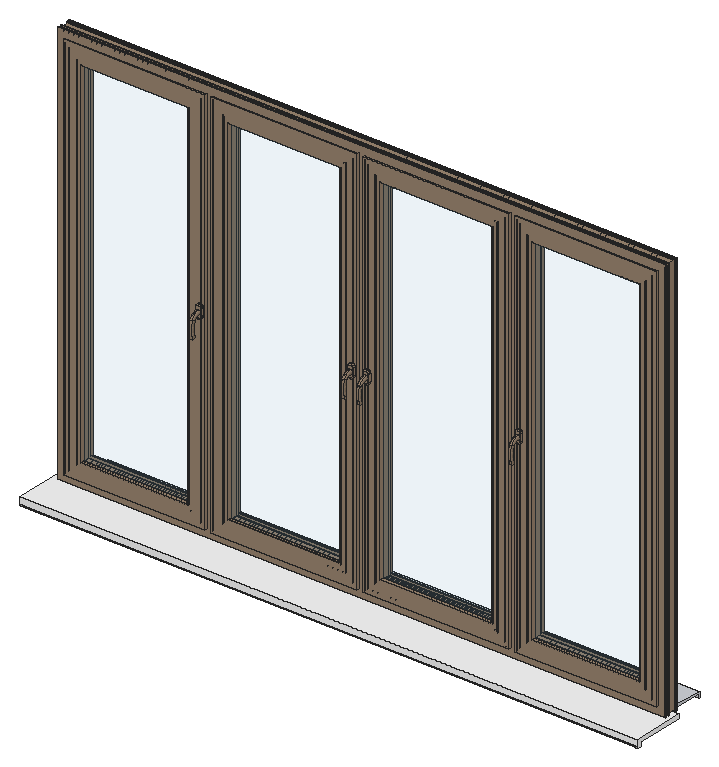
Revit family "6_Окно четырехстворчатое с вертикальными импостами_V72", category Окна, Revit 2019
Family settings
  Основа = Стена
  Номер OmniClass = 23.30.20.17.11
  Заголовок OmniClass = Fixed Windows
  Всегда вертикально = Да
  При загрузке вырезать с полостями = Нет
  Общий = Нет
  Точка расчета площади = Нет
Parameters (values of type "V72")
  Ширина створки центр [instance] = ((ADSK_Ширина рамы - Ширина створки лев - Ширина створки прав) / 2)  # 750.00 mm
  Ширина створки прав [instance] = 750.00 mm
  Ширина створки лев [instance] = 750.00 mm
  Width [instance] = 0.00 mm  # constant formula
  Четверть.Ширина [instance] = 65.00 mm
  Четверть.Высота [instance] = 65.00 mm
  Четверть Правая.Видимость [instance] = yes
  Четверть Правая [instance] = if(and(Четверть Правая.Видимость, Четверть), Четверть.Ширина, 0.00 mm)  # 65.00 mm
  Четверть Левая.Видимость [instance] = yes
  Четверть Левая [instance] = if(and(Четверть Левая.Видимость, Четверть), Четверть.Ширина, 0.00 mm)  # 65.00 mm
  Четверть [instance] = yes
  Четверть.Верхняя [instance] = if(Четверть, Четверть.Высота, 0.00 mm)  # 65.00 mm
  Монтажный зазор спереди [instance] = 10.00 mm
  Монтаж.зазор Низ [instance] = 40.00 mm
  Монтажный зазор.Верх [instance] = 25.00 mm
  VIDNAL_Ширина проема [instance] = ADSK_Ширина рамы + Монтажный зазор.Правый + Монтажный зазор.Левый  # 3050.00 mm
  VIDNAL_Цвет конструкции = ""
  VIDNAL_Фурнитура [instance] = ""
  VIDNAL_Формула стеклопакета [instance] = ""
  VIDNAL_Толщина стеклопакета [instance] = ""
  VIDNAL_Сопротивление ветровой нагрузке = ""
  VIDNAL_Система профилей [instance] = "V72"  # constant formula
  VIDNAL_Площадь изделия [instance] = ADSK_Ширина рамы * ADSK_Высота рамы  # 6.00 m²
  VIDNAL_Звукоизоляция [instance] = ""
  VIDNAL_Высота проема [instance] = ADSK_Высота рамы + Монтажный зазор.Верх + Монтаж.зазор Низ  # 2065.00 mm
  Глубина профиля [instance] = 72.00 mm  # constant formula
  Rough Width = 0.00 mm  # constant formula
  Rough Height = 0.00 mm  # constant formula
  Подоконник.Видимость [instance] = yes
  Подоконник = АС_Окна_ПВХСветлосерыйМатовый
  Отлив.Видимость [instance] = yes
  Откосы.Глубина [instance] = 150.00 mm
  Описание = "Окно"
  Обозначение = "ГОСТ 21519-2003"
  Наименование = ""
  Монтажный зазор.Правый [instance] = if(Четверть Правая.Видимость, Монтажный зазор.Боковой, 0.00 mm)  # 25.00 mm
  Монтажный зазор.Левый [instance] = if(Четверть Левая.Видимость, Монтажный зазор.Боковой, 0.00 mm)  # 25.00 mm
  Монтажный зазор.Боковой [instance] = 25.00 mm
  Марка проема [instance] = ""
  Model = ""
  Стекло = АС_Стекло
  Рама = Aluminum
  Отлив = АС_Металл_ОкрашенныйБелыйМатовый
  Type Comments = ""
  Assembly Code = ""
  Высота подоконника по умолчанию = 800.00 mm
  Wall Closure = (empty or 0)
  Height [instance] = 0.00 mm  # constant formula
  Аналитическая конструкция = "<Нет>"
  VIDNAL_Возухопроницаемость [instance] = ""
  VIDNAL_Водонепроницаемость [instance] = ""
  VIDNAL_Rприв. профиля со стеклопакетом [instance] = ""
  ADSK_Ширина рамы [instance] = 3000.00 mm
  ADSK_Позиция [instance] = ""
  ADSK_Завод-изготовитель [instance] = "VIDNAL"  # constant formula
  ADSK_Высота рамы [instance] = 2000.00 mm
Reference planes
  plane 1 "ПД": y = -40
  plane 2: z = 0
  plane 3 "Слева": x = -922.6
  plane 4 "Справа": x = 2127.4
  plane 5 "Подоконник": z = 800
  plane 6 "ВЕРХ": z = 2865
  plane 7 "Внутренняя": y = -190
  plane 8 "Вставка окна": y = 32
  plane 9 "четверть прав": x = 2062.4
  plane 10 "четверть верх": z = 2800
  plane 11 "рама лев": x = -897.6
  plane 12 "рама прав": x = 2102.4
  plane 13 "рама верх": z = 2840
  plane 14: y = -240
  plane 15 "Подоконник, отлив": y = 12
  plane 16: y = 190
  plane 17 "отлив прав": y = 220
  plane 18 "TT": y = 42
  plane 19 "рама низ": z = 840
  plane 20 "створка лев": x = -860.352
  plane 21: x = -162.85
  plane 22 "низ створки": z = 877.248
  plane 23: x = -132.35
  plane 24 "створка прав": x = 2065.152
  plane 25 "верх створки": z = 2802.752
  plane 26 "четверть левая": x = -857.6
  plane 27 "уровень отлива": z = 820
  plane 28 "осевая": x = -147.6
  plane 29: x = 1337.15
  plane 30: x = 1367.65
  plane 31 "п": x = 1352.4
  plane 32: x = 587.15
  plane 33: x = 617.65
  plane 34 "р": x = 602.4
Forms (mm)
  Extrusion 1, void, detail levels medium+fine
    sketch origin (0, 42, 0) x (0, 0, 1) y (-1, 0, 0)
      loop
        line (2865, -2127.4) -> (2865, 922.6) -> (800, 922.6) -> (800, -2127.4) -> (2865, -2127.4)
    from 0 to 1000
  Extrusion 2, void
    sketch origin (0, 32, 0) x (0, 0, -1) y (-1, 0, 0)
      loop
        line (-2800, -2062.4) -> (-800, -2062.4) -> (-800, 857.6) -> (-2800, 857.6) -> (-2800, -2062.4)
    from -100 to 500
  Sweep 3, solid, material "Aluminum" <- "Рама"
    path origin (0, 32, -30) x (0, 0, -1) y (-1, 0, 0)
      loop
        line (-2870, 897.6) -> (-2870, -2102.4) -> (-870, -2102.4) -> (-870, 897.6) -> (-2870, 897.6)
    profile "Профиль рамы V72 (R19) : Профиль рамы V72 (R19)" origin (-897.6, 32, 1840) x (-1, 0, 0) y (0, 1, 0)
      loop
        line (-37.021, -25.058) -> (-7.134, -25.058) -> (-7.134, -14) -> (-37.021, -14) -> (-37.021, -25.058)
      loop
        line (-37.021, -48) -> (-7.134, -48) -> (-7.134, -39.591) -> (-37.021, -39.591) -> (-37.021, -48)
      loop
        line (-37.021, -38.383) -> (-7.134, -38.383) -> (-7.134, -26.243) -> (-37.021, -26.243) -> (-37.021, -38.383)
      loop
        line (-7, -12.3) -> (-7, -1.5) -> (-37.498, -1.5) -> (-37.498, -12.3) -> (-7, -12.3)
      loop
        line (-6.748, -70.25) -> (-6.748, -49.75) -> (-37.248, -49.75) -> (-37.248, -70.25) -> (-6.748, -70.25)
      loop
        line (0.002, -72) -> (0.002, -67.879) -> (-1.998, -67.879) -> (-1.998, -70.25) -> (-4.998, -70.25) -> (-4.998, -52) -> (-1.998, -52) -> (-1.998, -53.5) -> (0.002, -53.5) -> (0.002, -48) -> (-1.998, -48) -> (-1.998, -50.25) -> (-4.996, -50.25) -> (-4.996, -13.988) -> (-1.997, -14) -> (-1.997, -15.5) -> (0.003, -15.5) -> (0.003, -11.5) -> (-1.497, -11.5) -> (-1.497, -12.5) -> (-5, -12.5) -> (-5, -1.5) -> (-1.5, -1.5) -> (-1.5, -2.5) -> (0, -2.5) -> (0, 0) -> (-65.998, 0) -> (-65.998, -4.2) -> (-58.998, -4.2) -> (-58.998, -1.5) -> (-38.998, -1.5) -> (-38.998, -12.5) -> (-41.998, -12.5) -> (-41.998, -10.908) -> (-43.998, -10.908) -> (-43.998, -15.5) -> (-41.998, -15.5) -> (-41.998, -14) -> (-38.998, -14) -> (-38.998, -50.25) -> (-41.998, -50.25) -> (-41.998, -48.52) -> (-43.998, -48.5) -> (-43.998, -53.5) -> (-41.998, -53.5) -> (-41.998, -52) -> (-38.998, -52) -> (-38.998, -70.25) -> (-41.998, -70.25) -> (-41.998, -67.978) -> (-43.998, -67.978) -> (-43.998, -72) -> (0.002, -72)
  Sweep 4, solid, material "Aluminum" <- "Рама"
    path origin (125, 32, 0) x (0, 0, -1) y (-1, 0, 0)
      loop
        line (-2796.752, 272.6) -> (-883.248, 272.6)
    profile "Профиль импоста : Профиль импоста" origin (-147.6, 32, 1840) x (-1, 0, 0) y (0, 1, 0)
      loop
        line (-15.25, -10) -> (-15.25, -48) -> (15.25, -48) -> (15.25, -10) -> (-15.25, -10)
      loop
        line (-15.25, -49.75) -> (-15.25, -70.25) -> (15.25, -70.25) -> (15.25, -49.75) -> (-15.25, -49.75)
      loop
        line (-15.25, -1.75) -> (-15.25, -8.25) -> (15.25, -8.25) -> (15.25, -1.75) -> (-15.25, -1.75)
      loop
        line (-44, 0) -> (-44, -4.2) -> (-35.5, -4.2) -> (-35.5, -1.5) -> (-17, -1.5) -> (-17, -8.5) -> (-20, -8.5) -> (-20, -7.5) -> (-22, -7.5) -> (-22, -11.5) -> (-20, -11.5) -> (-20, -10) -> (-17, -10) -> (-17, -14.231) -> (-20.5, -14.231) -> (-20.5, -18.313) -> (-18.5, -18.313) -> (-18.5, -16.063) -> (-17, -16.063) -> (-17, -33.174) -> (-18.5, -33.174) -> (-18.5, -30.924) -> (-20.5, -30.924) -> (-20.5, -35.006) -> (-17, -35.006) -> (-17, -50.25) -> (-20, -50.25) -> (-20, -48) -> (-22, -48) -> (-22, -54.8) -> (-20, -54.8) -> (-20, -52.31) -> (-17, -52.31) -> (-17, -70.25) -> (-20, -70.25) -> (-20, -66.8) -> (-22, -66.8) -> (-22, -72) -> (22, -72) -> (22, -66.8) -> (20, -66.8) -> (20, -70.25) -> (17, -70.25) -> (17, -52.31) -> (20, -52.31) -> (20, -54.8) -> (22, -54.8) -> (22, -48) -> (20, -48) -> (20, -50.25) -> (17, -50.25) -> (17, -35.006) -> (20.5, -35.006) -> (20.5, -30.924) -> (18.5, -30.924) -> (18.5, -33.174) -> (17, -33.174) -> (17, -16.063) -> (18.5, -16.063) -> (18.5, -18.313) -> (20.5, -18.313) -> (20.5, -14.231) -> (17, -14.231) -> (17, -10) -> (20, -10) -> (20, -11.5) -> (22, -11.5) -> (22, -7.5) -> (20, -7.5) -> (20, -8.5) -> (17, -8.5) -> (17, -1.5) -> (35.5, -1.5) -> (35.5, -4.2) -> (44, -4.2) -> (44, 0) -> (-44, 0)
  Extrusion 5, solid, material "АС_Окна_ПВХСветлосерыйМатовый" <- "Подоконник", visible <- "Подоконник.Видимость"
    sketch origin (906.9, -410, 45) x (0, 0, 1) y (0, -1, 0)
      loop
        line (795, -422) -> (795, -170) -> (762, -170)
        arc (762, -170) -> (757.05, -172.05) -> (755, -177) r 7
        line (755, -177) -> (755, -188.375) -> (775, -188.375) -> (775, -422) -> (795, -422)
    from 1220.5 to -1829.5
  Extrusion 6, solid, visible <- "Отлив.Видимость"
    sketch origin (-918.1, 42.774, 211.776) x (0, 1, 0) y (0, 0, 1)
      loop
        line (-30.774, 608.224) -> (172.226, 608.224) -> (172.226, 588.224) -> (177.226, 588.224) -> (177.226, 611.937) -> (-30.774, 625.05) -> (-30.774, 608.224)
    from 60.5 to 2980.5
  Sweep 7, solid, material "Aluminum" <- "Рама"
    path origin (560, 32, 0) x (0, 0, -1) y (-1, 0, 0)
      loop
        line (-2796.752, -792.4) -> (-883.248, -792.4)
    profile "Профиль импоста : Профиль импоста" origin (1352.4, 32, 1840) x (-1, 0, 0) y (0, 1, 0)
      loop
        line (-15.25, -10) -> (-15.25, -48) -> (15.25, -48) -> (15.25, -10) -> (-15.25, -10)
      loop
        line (-15.25, -49.75) -> (-15.25, -70.25) -> (15.25, -70.25) -> (15.25, -49.75) -> (-15.25, -49.75)
      loop
        line (-15.25, -1.75) -> (-15.25, -8.25) -> (15.25, -8.25) -> (15.25, -1.75) -> (-15.25, -1.75)
      loop
        line (-44, 0) -> (-44, -4.2) -> (-35.5, -4.2) -> (-35.5, -1.5) -> (-17, -1.5) -> (-17, -8.5) -> (-20, -8.5) -> (-20, -7.5) -> (-22, -7.5) -> (-22, -11.5) -> (-20, -11.5) -> (-20, -10) -> (-17, -10) -> (-17, -14.231) -> (-20.5, -14.231) -> (-20.5, -18.313) -> (-18.5, -18.313) -> (-18.5, -16.063) -> (-17, -16.063) -> (-17, -33.174) -> (-18.5, -33.174) -> (-18.5, -30.924) -> (-20.5, -30.924) -> (-20.5, -35.006) -> (-17, -35.006) -> (-17, -50.25) -> (-20, -50.25) -> (-20, -48) -> (-22, -48) -> (-22, -54.8) -> (-20, -54.8) -> (-20, -52.31) -> (-17, -52.31) -> (-17, -70.25) -> (-20, -70.25) -> (-20, -66.8) -> (-22, -66.8) -> (-22, -72) -> (22, -72) -> (22, -66.8) -> (20, -66.8) -> (20, -70.25) -> (17, -70.25) -> (17, -52.31) -> (20, -52.31) -> (20, -54.8) -> (22, -54.8) -> (22, -48) -> (20, -48) -> (20, -50.25) -> (17, -50.25) -> (17, -35.006) -> (20.5, -35.006) -> (20.5, -30.924) -> (18.5, -30.924) -> (18.5, -33.174) -> (17, -33.174) -> (17, -16.063) -> (18.5, -16.063) -> (18.5, -18.313) -> (20.5, -18.313) -> (20.5, -14.231) -> (17, -14.231) -> (17, -10) -> (20, -10) -> (20, -11.5) -> (22, -11.5) -> (22, -7.5) -> (20, -7.5) -> (20, -8.5) -> (17, -8.5) -> (17, -1.5) -> (35.5, -1.5) -> (35.5, -4.2) -> (44, -4.2) -> (44, 0) -> (-44, 0)
  Sweep 8, solid, material "Aluminum" <- "Рама"
    path origin (140, 32, 0) x (0, 0, -1) y (-1, 0, 0)
      loop
        line (-2796.752, -462.4) -> (-883.248, -462.4)
    profile "Профиль импоста : Профиль импоста" origin (602.4, 32, 1840) x (-1, 0, 0) y (0, 1, 0)
      loop
        line (-15.25, -10) -> (-15.25, -48) -> (15.25, -48) -> (15.25, -10) -> (-15.25, -10)
      loop
        line (-15.25, -49.75) -> (-15.25, -70.25) -> (15.25, -70.25) -> (15.25, -49.75) -> (-15.25, -49.75)
      loop
        line (-15.25, -1.75) -> (-15.25, -8.25) -> (15.25, -8.25) -> (15.25, -1.75) -> (-15.25, -1.75)
      loop
        line (-44, 0) -> (-44, -4.2) -> (-35.5, -4.2) -> (-35.5, -1.5) -> (-17, -1.5) -> (-17, -8.5) -> (-20, -8.5) -> (-20, -7.5) -> (-22, -7.5) -> (-22, -11.5) -> (-20, -11.5) -> (-20, -10) -> (-17, -10) -> (-17, -14.231) -> (-20.5, -14.231) -> (-20.5, -18.313) -> (-18.5, -18.313) -> (-18.5, -16.063) -> (-17, -16.063) -> (-17, -33.174) -> (-18.5, -33.174) -> (-18.5, -30.924) -> (-20.5, -30.924) -> (-20.5, -35.006) -> (-17, -35.006) -> (-17, -50.25) -> (-20, -50.25) -> (-20, -48) -> (-22, -48) -> (-22, -54.8) -> (-20, -54.8) -> (-20, -52.31) -> (-17, -52.31) -> (-17, -70.25) -> (-20, -70.25) -> (-20, -66.8) -> (-22, -66.8) -> (-22, -72) -> (22, -72) -> (22, -66.8) -> (20, -66.8) -> (20, -70.25) -> (17, -70.25) -> (17, -52.31) -> (20, -52.31) -> (20, -54.8) -> (22, -54.8) -> (22, -48) -> (20, -48) -> (20, -50.25) -> (17, -50.25) -> (17, -35.006) -> (20.5, -35.006) -> (20.5, -30.924) -> (18.5, -30.924) -> (18.5, -33.174) -> (17, -33.174) -> (17, -16.063) -> (18.5, -16.063) -> (18.5, -18.313) -> (20.5, -18.313) -> (20.5, -14.231) -> (17, -14.231) -> (17, -10) -> (20, -10) -> (20, -11.5) -> (22, -11.5) -> (22, -7.5) -> (20, -7.5) -> (20, -8.5) -> (17, -8.5) -> (17, -1.5) -> (35.5, -1.5) -> (35.5, -4.2) -> (44, -4.2) -> (44, 0) -> (-44, 0)
Cuts and joins
  joined: Sweep 3, Sweep 4, Sweep 7, Sweep 8
Lines and regions (mm)
  Masking region 1
    outline origin (0, 0, 0) x (1, 0, 0) y (0, 1, 0)
      loop
        line (-922.6, 12) -> (-922.6, -190) -> (2127.4, -190) -> (2127.4, 12) -> (-922.6, 12)
  symbolic lines, style "WindowsFrameMullionProjection", detail levels fine
    curve 1: line (-163.1, 32, 800) -> (-163.1, -40, 800)
    curve 3: line (-163.1, -40, 840) -> (-163.1, 32, 840)
    curve 5: line (-163.1, 32, 2865) -> (-163.1, -40, 2865)
    curve 7: line (-163.1, -40, 2840) -> (-163.1, 32, 2840)
  symbolic lines, style "WindowsFrameMullionProjection"
    curve 2: line (-163.1, 32, 840) -> (-163.1, 32, 800)
    curve 4: line (-163.1, -40, 800) -> (-163.1, -40, 840)
    curve 6: line (-163.1, 32, 2840) -> (-163.1, 32, 2865)
    curve 8: line (-163.1, -40, 2865) -> (-163.1, -40, 2840)
    curve 11: line (-922.6, 32, 0) -> (-922.6, -40, 0)
    curve 12: line (2127.4, 32, 0) -> (2127.4, -40, 0)
  symbolic lines, style "WindowsFrameMullionProjection", detail levels coarse
    curve 9: line (2127.4, 32, 2865) -> (2127.4, 32, 800)
    curve 10: line (2127.4, -40, 2865) -> (2127.4, -40, 800)
Text (mm)
  text "Наружный" at (-2011.448, 646.123, 0), in view "Линия этажа"
  text "Внутренний" at (-2011.448, -562.523, 0), in view "Линия этажа"
  text "Наружный" at (0, 1108.87, 3415.022), in view "Слева"
  text "Наружный" at (0, 464.664, 3176.206), in view "Справа"
Dimensions and locks
  plane 3 "Слева" to plane 4 "Справа" = 3050.00 mm
  "Монтажный зазор.Правый": plane 12 "рама прав" to plane 4 "Справа"
  plane 5 "Подоконник" to plane 5 "Подоконник" = 0.00 mm
  "Высота подоконника по умолчанию": plane 5 "Подоконник" to plane 2
  "Четверть.Верхняя": plane 10 "четверть верх" to plane 6 "ВЕРХ"
  "ADSK_Ширина рамы": plane 11 "рама лев" to plane 12 "рама прав"
  "Четверть Правая": plane 9 "четверть прав" to plane 4 "Справа"
  "Глубина профиля": plane 8 "Вставка окна" to plane 1 "ПД"
  "Откосы.Глубина": plane 1 "ПД" to plane 7 "Внутренняя"
  locked: plane 14 to plane 7 "Внутренняя" at 50
  "Монтажный зазор.Левый": plane 3 "Слева" to plane 11 "рама лев"
  "Монтажный зазор.Верх": plane 13 "рама верх" to plane 6 "ВЕРХ"
  locked: plane 8 "Вставка окна" to plane 15 "Подоконник, отлив" at 20
  plane 18 "TT" to plane 8 "Вставка окна" = 10.00 mm
  "Монтаж.зазор Низ": plane 19 "рама низ" to plane 5 "Подоконник"
  locked: plane 11 "рама лев" to plane 20 "створка лев" at 37.248
  locked: plane 22 "низ створки" to plane 19 "рама низ" at 37.248
  locked: plane 24 "створка прав" to plane 12 "рама прав" at 37.248
  "ADSK_Высота рамы": plane 13 "рама верх" to plane 19 "рама низ"
  locked: plane 13 "рама верх" to plane 25 "верх створки" at 37.248
  "Четверть Левая": plane 3 "Слева" to plane 26 "четверть левая"
  "Монтажный зазор спереди": plane 8 "Вставка окна" to plane 18 "TT"
  locked: plane 19 "рама низ" to plane 27 "уровень отлива" at 20
  Extrusion 5 sketch curve to Extrusion 5 sketch curve = 40.00 mm
  Extrusion 5 sketch curve to Extrusion 5 sketch curve = 20.00 mm
  plane 16 to plane 17 "отлив прав" = 30.00 mm
  locked: Extrusion 6 to Extrusion 6 at 5
  "Ширина створки лев": plane 11 "рама лев" to plane 28 "осевая"
  locked: plane 21 to plane 28 "осевая" at 15.25
  locked: plane 28 "осевая" to plane 23 at 15.25
  locked: plane 29 to plane 31 "п" at 15.25
  locked: plane 31 "п" to plane 30 at 15.25
  "Ширина створки прав": plane 31 "п" to plane 12 "рама прав"
  locked: plane 32 to plane 34 "р" at 15.25
  locked: plane 34 "р" to plane 33 at 15.25
  "Ширина створки центр": plane 28 "осевая" to plane 34 "р"
  plane 34 "р" to plane 31 "п" = 750.00 mm
  aligned and locked: plane 7 "Внутренняя" to host wall
  aligned and locked: plane 9 "четверть прав" to Extrusion 2 sketch curve
  aligned and locked: Extrusion 2 sketch curve to plane 10 "четверть верх"
  aligned and locked: plane 5 "Подоконник" to Extrusion 2 sketch curve
  aligned: Extrusion 2 sketch curve to plane 3 "Слева"
  aligned and locked: curve 1 to plane 5 "Подоконник"
  aligned and locked: curve 2 to plane 8 "Вставка окна"
  aligned and locked: curve 4 to plane 1 "ПД"
  aligned and locked: curve 5 to plane 6 "ВЕРХ"
  aligned and locked: plane 8 "Вставка окна" to curve 6
  aligned and locked: curve 7 to plane 13 "рама верх"
  aligned and locked: plane 1 "ПД" to curve 8
  aligned and locked: plane 4 "Справа" to curve 12
  aligned and locked: level to plane 2
  aligned and locked: plane 12 "рама прав" to Sweep 3 sketch curve
  aligned and locked: plane 11 "рама лев" to Sweep 3 sketch curve
  aligned and locked: Masking region 1 sketch curve to plane 3 "Слева"
  aligned and locked: Masking region 1 sketch curve to plane 7 "Внутренняя"
  aligned and locked: plane 4 "Справа" to Masking region 1 sketch curve
  aligned and locked: nested 1 to plane 8 "Вставка окна"
  aligned and locked: Sweep 3 sketch curve to plane 13 "рама верх"
  aligned and locked: Sweep 3 sketch curve to plane 19 "рама низ"
  aligned and locked: plane 26 "четверть левая" to Extrusion 2 sketch curve
  aligned and locked: plane 15 "Подоконник, отлив" to Masking region 1 sketch curve
  aligned and locked: Extrusion 5 to plane 15 "Подоконник, отлив"
  aligned and locked: Extrusion 5 to plane 14
  aligned and locked: Extrusion 5 to plane 4 "Справа"
  aligned and locked: plane 3 "Слева" to Extrusion 5
  aligned and locked: plane 17 "отлив прав" to Extrusion 6
  aligned and locked: plane 15 "Подоконник, отлив" to Extrusion 6
  aligned and locked: plane 26 "четверть левая" to Extrusion 6
  aligned and locked: Extrusion 6 to plane 9 "четверть прав"
  aligned and locked: nested 2 to plane 8 "Вставка окна"
  aligned and locked: nested 3 to plane 8 "Вставка окна"
  aligned and locked: nested 4 to cut or joined group of Sweep 3, Sweep 4, Sweep 7, Sweep 8
  aligned and locked: nested 3 to cut or joined group of Sweep 3, Sweep 4, Sweep 7, Sweep 8  (x2)
  aligned and locked: nested 2 to cut or joined group of Sweep 3, Sweep 4, Sweep 7, Sweep 8
  aligned and locked: plane 25 "верх створки" to nested 2
  aligned and locked: plane 25 "верх створки" to nested 3
  aligned and locked: plane 25 "верх створки" to nested 4
  aligned and locked: plane 25 "верх створки" to nested 1
  aligned and locked: plane 22 "низ створки" to nested 2
  aligned and locked: plane 22 "низ створки" to nested 3
  aligned and locked: plane 22 "низ створки" to nested 4
  aligned and locked: plane 22 "низ створки" to nested 1
  aligned and locked: plane 20 "створка лев" to nested 1
  aligned and locked: plane 21 to nested 1
  aligned and locked: plane 23 to nested 4
  aligned and locked: plane 33 to nested 3
  aligned and locked: plane 32 to nested 4
  aligned and locked: plane 29 to nested 3
  aligned and locked: plane 30 to nested 2
  aligned and locked: plane 24 "створка прав" to nested 2
Automatic sketch dimensions
  plane 4 "Справа" to Extrusion 1 sketch curve = 0.00 mm
  Extrusion 1 sketch curve to plane 5 "Подоконник" = 0.00 mm
  Extrusion 1 sketch curve to plane 6 "ВЕРХ" = 0.00 mm
  plane 3 "Слева" to Extrusion 1 sketch curve = 0.00 mm
  plane 1 "ПД" to curve 11 = 0.00 mm
  curve 11 to plane 3 "Слева" = 0.00 mm
  plane 1 "ПД" to curve 12 = 0.00 mm
  curve 12 to plane 8 "Вставка окна" = 0.00 mm
  curve 11 to plane 8 "Вставка окна" = 0.00 mm
  curve 6 to plane 8 "Вставка окна" = 0.00 mm
  curve 3 to plane 19 "рама низ" = 0.00 mm
  plane 5 "Подоконник" to curve 9 = 0.00 mm
  curve 9 to plane 8 "Вставка окна" = 0.00 mm
  curve 10 to plane 1 "ПД" = 0.00 mm
  plane 5 "Подоконник" to curve 10 = 0.00 mm
  plane 6 "ВЕРХ" to curve 10 = 0.00 mm
  plane 6 "ВЕРХ" to curve 9 = 0.00 mm
  plane 28 "осевая" to Sweep 4 sketch curve = 0.00 mm
  plane 5 "Подоконник" to Extrusion 5 sketch curve = 0.00 mm
  Extrusion 5 sketch curve to plane 14 = 0.00 mm
  Extrusion 5 sketch curve to plane 15 "Подоконник, отлив" = 0.00 mm
  Extrusion 5 sketch curve to plane 5 "Подоконник" = 7.00 mm
  Extrusion 5 sketch curve to Extrusion 5 sketch curve = 11.375 mm
  Extrusion 6 sketch curve to plane 15 "Подоконник, отлив" = 0.00 mm
  Extrusion 6 sketch curve to plane 27 "уровень отлива" = 0.00 mm
  plane 5 "Подоконник" to Extrusion 6 sketch curve = 0.00 mm
  Extrusion 6 sketch curve to plane 17 "отлив прав" = 0.00 mm
  plane 17 "отлив прав" to Extrusion 6 sketch curve = 5.00 mm
  plane 27 "уровень отлива" to Extrusion 6 sketch curve = 3.713 mm
  Extrusion 6 sketch curve to plane 19 "рама низ" = 3.174 mm
  plane 31 "п" to Sweep 7 sketch curve = 0.00 mm
  plane 25 "верх створки" to Sweep 7 sketch curve = 6.00 mm
  Sweep 7 sketch curve to plane 22 "низ створки" = 6.00 mm
  plane 34 "р" to Sweep 8 sketch curve = 0.00 mm
  plane 25 "верх створки" to Sweep 8 sketch curve = 6.00 mm
  Sweep 8 sketch curve to plane 22 "низ створки" = 6.00 mm
  plane 25 "верх створки" to Sweep 4 sketch curve = 6.00 mm
  Sweep 4 sketch curve to plane 22 "низ створки" = 6.00 mm
Nested families
  nested 1: "СТВОРКА V72" at (-860.352, 32, 877.248), type "Поворотно-откидная лево"
    with Створка.Ширина 697.502 mm, Створка.Высота 1925.505 mm
  nested 2: "СТВОРКА V72" at (1367.65, 32, 877.248), type "Поворотно-откидная право"
    with Створка.Ширина 697.502 mm, Створка.Высота 1925.505 mm
  nested 3: "СТВОРКА V72" at (617.65, 32, 877.248), type "Поворотная право"
    with Створка.Ширина 719.50 mm, Створка.Высота 1925.505 mm
  nested 4: "СТВОРКА V72" at (-132.35, 32, 877.248), type "Поворотная лево"
    with Створка.Ширина 719.50 mm, Створка.Высота 1925.505 mm
Definition of nested family "СТВОРКА V72"
  Parameters (values of type "Поворотно-откидная право")
    отк нз = no
    отк лев = no
    отк ввер = yes
    от пр = yes
    Стекло = none
    Створка.Ширина [instance] = 600.00 mm
    Створка.Высота [instance] = 900.00 mm
    Створка VIDNAL = none
    Ручка.Справа = no
    Ручка.Снизу = no
    Ручка.Слева = yes
    Ручка.Сверху = no
    Открытие = not(Глухая)  # yes
    Глухая = no
    Габариты заполнения = 0.00 mm
    Analytic Construction = "<Нет>"
  Types (7, lengths in mm): name | отк нз | отк лев | отк ввер | от пр | Ручка.Справа | Ручка.Снизу | Ручка.Слева | Ручка.Сверху | Открытие | Глухая
    Глухая | no | no | no | no | no | no | no | no | no | yes
    Поворотная право | no | no | no | yes | no | no | yes | no | yes | no
    Поворотная лево | no | yes | no | no | yes | no | no | no | yes | no
    Поворотно-откидная лево | no | yes | yes | no | yes | no | no | no | yes | no
    Поворотно-откидная право | no | no | yes | yes | no | no | yes | no | yes | no
    Фрамуга с нижним откидыванием | yes | no | no | no | no | yes | no | no | yes | no
    Фрамуга с верхним откидыванием | no | no | yes | no | no | no | no | yes | yes | no
  Reference planes
    plane 1 "Center (Front/Back)": y = 0
    plane 2 "Bottom": z = 0
    plane 3 "Left": x = 0
    plane 4 "Right": x = 600
    plane 5 "Top": z = 900
    plane 6: z = 450
    plane 7: x = 300
    plane 8: x = 0
    plane 9: x = 600
    plane 10: y = -17.2
    plane 11: y = -57.2
    plane 12: z = 900
    plane 13: z = 0
    plane 14: y = -81
    plane 15: y = -17.2
  Forms (mm)
    Extrusion 1, solid, material <- "Стекло"
      sketch origin (160, -17.2, 825.5) x (0, 0, -1) y (-1, 0, 0)
        loop
          line (825.5, 160) -> (-74.5, 160) -> (-74.5, -440) -> (825.5, -440) -> (825.5, 160)
      from -40 to 0
    Sweep 2, solid, material <- "Створка VIDNAL", visible <- "Открытие"
      path origin (0, 0, 0) x (1, 0, 0) y (0, 0, 1)
        loop
          line (0, 900) -> (0, 0) -> (600, 0) -> (600, 900) -> (0, 900)
      profile "Профиль створки V72 : Профиль створки V72" origin (300, 0, 900) x (0, 0, 1) y (0, -1, 0)
        loop
          line (-27.1, 14.3) -> (-57.6, 14.3) -> (-57.6, 1.5) -> (-37, 1.5) -> (-37, 7) -> (-27.1, 7) -> (-27.1, 14.3)
        loop
          line (-57.508, 23.909) -> (-57.508, 16) -> (-31.105, 16) -> (-31.105, 23.909) -> (-57.508, 23.909)
        loop
          line (-57.508, 26.549) -> (-31.105, 26.549) -> (-31.105, 36.954) -> (-57.508, 36.954) -> (-57.508, 26.549)
        loop
          line (-57.514, 39.773) -> (-31.105, 39.773) -> (-31.105, 50) -> (-57.514, 50) -> (-57.514, 39.773)
        loop
          line (-56, 79.25) -> (-59, 79.25) -> (-59, 76.151) -> (-62.7, 76.151) -> (-62.7, 79.6) -> (-81.6, 79.6) -> (-81.6, 65.6) -> (-76, 65.6) -> (-66, 63.8) -> (-59, 63.8) -> (-59, 59) -> (-56, 59) -> (-56, 79.25)
        loop
          line (-18.843, 32.487) -> (-29.504, 32.487) -> (-29.504, 24.689) -> (-18.843, 24.689) -> (-18.843, 32.487)
        loop
          line (-18.87, 44.01) -> (-29.504, 44.01) -> (-29.504, 33.802) -> (-18.87, 33.802) -> (-18.87, 44.01)
        loop
          line (-23.75, 79.25) -> (-54.25, 79.25) -> (-54.25, 58.75) -> (-51.75, 58.75) -> (-51.75, 57) -> (-57.75, 57) -> (-57.75, 51.75) -> (-23.75, 51.75) -> (-23.75, 57) -> (-25.75, 57) -> (-25.75, 58.75) -> (-23.75, 58.75) -> (-23.75, 79.25)
        loop
          line (-3.5, 76.8) -> (-3.5, 72) -> (0, 72) -> (0, 76.8) -> (0, 81) -> (-1, 81) -> (-83.302, 81) -> (-83.302, 61.361) -> (-76, 61.21) -> (-76, 64.381) -> (-66.107, 62.5) -> (-61, 62.5) -> (-61, 57) -> (-59.5, 57) -> (-59.5, 1.5) -> (-75, 1.5) -> (-81.5, 8) -> (-81.5, 13.054) -> (-74.5, 13.054) -> (-74.5, 17.2) -> (-83, 17.2) -> (-83, 7) -> (-76, 0) -> (-35.5, 0) -> (-35.5, 5.5) -> (-28, 5.5) -> (-28, 4.195) -> (-21, 4.195) -> (-21, 5.5) -> (-25.5, 5.5) -> (-25.5, 23.5) -> (-17.5, 23.5) -> (-17.5, 45.156) -> (-25.2, 45.156) -> (-25.2, 50) -> (-17.5, 50) -> (-17.5, 54.5) -> (-19, 54.5) -> (-19, 52) -> (-22, 52) -> (-22, 72) -> (-19, 72) -> (-19, 69.5) -> (-17.5, 69.5) -> (-17.5, 74) -> (-22, 74) -> (-22, 79.25) -> (-7, 79.25) -> (-7, 76.8) -> (-3.5, 76.8)
  Lines and regions (mm)
    symbolic lines, visible <- "Глухая"
      curve 1: line (300, 0, 500) -> (300, 0, 400)
      curve 2: line (250, 0, 450) -> (350, 0, 450)
    symbolic lines, visible <- "от пр"
      curve 3: line (583, -75, 883) -> (17, -75, 450)
      curve 4: line (17, -75, 450) -> (583, -75, 17)
    symbolic lines, visible <- "отк лев"
      curve 5: line (17, -75, 17) -> (583, -75, 450)
      curve 6: line (583, -75, 450) -> (17, -75, 883)
    symbolic lines, visible <- "отк ввер"
      curve 7: line (17, -75, 17) -> (300, -75, 883)
      curve 8: line (300, -75, 883) -> (583, -75, 17)
    symbolic lines, visible <- "отк нз"
      curve 9: line (17, -75, 883) -> (300, -75, 17)
      curve 10: line (300, -75, 17) -> (583, -75, 883)
  Dimensions and locks
    "Створка.Ширина": plane 4 "Right" to plane 3 "Left"
    "Створка.Высота": plane 5 "Top" to plane 2 "Bottom"
    equal spacing: plane 3 "Left", curve 1, plane 4 "Right"
    equal spacing: plane 5 "Top", curve 2, plane 2 "Bottom"
    curve 1 to curve 2 to curve 1 = 50.00 mm locked, 50.00 mm locked
    curve 2 to curve 1 to curve 2 = 50.00 mm locked, 50.00 mm locked
    equal spacing: plane 5 "Top", plane 6, plane 2 "Bottom"
    equal spacing: plane 4 "Right", plane 7, plane 3 "Left"
    locked: plane 5 "Top" to nested 1 at 23
    "Габариты заполнения": plane 3 "Left" to plane 8
    "Габариты заполнения": plane 9 to plane 4 "Right"
    "Габариты заполнения": plane 13 to plane 2 "Bottom"
    "Габариты заполнения": plane 5 "Top" to plane 12
    locked: nested 4 to plane 2 "Bottom" at 23
    locked: nested 3 to plane 4 "Right" at 23
    locked: plane 3 "Left" to nested 2 at 23
    plane 15 to Extrusion 1 = 40.00 mm
    aligned and locked: level to plane 2 "Bottom"
    aligned and locked: plane 6 to curve 4
    aligned and locked: plane 6 to curve 6
    aligned and locked: plane 7 to curve 8
    aligned and locked: plane 7 to curve 10
    aligned and locked: plane 3 "Left" to Sweep 2 sketch curve
    aligned and locked: plane 4 "Right" to Sweep 2 sketch curve
    aligned and locked: Extrusion 1 to plane 8
    aligned and locked: Extrusion 1 to plane 10
    aligned and locked: Extrusion 1 to plane 11
    aligned and locked: nested 1 to plane 7
    aligned and locked: plane 9 to Extrusion 1
    aligned and locked: plane 12 to Extrusion 1
    aligned and locked: nested 3 to plane 6
    aligned and locked: nested 2 to plane 6
    aligned and locked: plane 7 to nested 4
    aligned and locked: plane 2 "Bottom" to Extrusion 1
    aligned and locked: Sweep 2 sketch curve to plane 12
    aligned and locked: Sweep 2 sketch curve to Extrusion 1
  Automatic sketch dimensions
    plane 8 to curve 6 = 17.00 mm
    plane 8 to curve 5 = 17.00 mm
    plane 8 to curve 4 = 17.00 mm
    curve 8 to plane 9 = 17.00 mm
    curve 5 to plane 9 = 17.00 mm
    curve 3 to plane 9 = 17.00 mm
    plane 13 to curve 10 = 17.00 mm
    plane 13 to curve 5 = 17.00 mm
    plane 13 to curve 4 = 17.00 mm
    curve 8 to plane 12 = 17.00 mm
    curve 9 to plane 12 = 17.00 mm
    curve 3 to plane 12 = 17.00 mm
    Extrusion 1 sketch curve to plane 3 "Left" = 0.00 mm
    Extrusion 1 sketch curve to plane 5 "Top" = 0.00 mm
    level to Extrusion 1 sketch curve = 0.00 mm
    plane 4 "Right" to Extrusion 1 sketch curve = 0.00 mm
  Nested families
    nested 1: "Ручка" at (300, -81, 877) x (1, 0, 0) z (0, -1, 0), visible <- "Ручка.Сверху", type "Ручка"
    nested 2: "Ручка" at (23, -81, 450) x (0, 0, -1) z (0, -1, 0), visible <- "Ручка.Слева", type "Ручка"
    nested 3: "Ручка" at (577, -81, 450) x (0, 0, -1) z (0, -1, 0), visible <- "Ручка.Справа", type "Ручка"
    nested 4: "Ручка" at (300, -81, 23) x (1, 0, 0) z (0, -1, 0), visible <- "Ручка.Снизу", type "Ручка"
  Definition of nested family "Ручка"
    Parameters (values of type "Ручка")
      Default Elevation = 1219.20 mm
      Ручка = none
      Analytic Construction = "<None>"
    Reference planes
      plane 1 "По центру (Вперед/Назад)": y = 0
      plane 2: z = 0
      plane 3 "По центру (Влево/Вправо)": x = 0
    Forms (mm)
      Extrusion 1, solid
        sketch origin (0, 0, 0) x (1, 0, 0) y (0, 1, 0)
          loop
            line (-1219.2, 1219.2) -> (-1219.2, -1219.2) -> (1219.2, -1219.2) -> (1219.2, 1219.2) -> (-1219.2, 1219.2)
        from 0 to -304.8
      Extrusion 2, solid, material <- "Ручка"
        sketch origin (0, 0, 0) x (1, 0, 0) y (0, 1, 0)
          loop
            arc (-18, 14) -> (-32, 0) -> (-18, -14) r 14
            line (-18, -14) -> (18, -14)
            arc (18, -14) -> (32, 0) -> (18, 14) r 14
            line (18, 14) -> (-18, 14)
        from 2 to 10
      SweptBlend 3, solid, material <- "Ручка"
        path origin (0, 0, 0) x (1, 0, 0) y (0, 0, 1)
          loop
            arc (20.682, 50.862) -> (5.492, 34.011) -> (0, 12) r 46.852
        profile origin (20.682, 0, 50.862) x (0.558567, 0, -0.829459) y (0, -1, 0)
          loop
            line (-6, 5.292) -> (-6, -5.292)
            arc (-6, -5.292) -> (8, 0) -> (-6, 5.292) r 8
        end profile origin (0, 0, 12) x (0, -1, 0) y (1, 0, 0)
          loop
            arc (4.359, -9) -> (0, 10) -> (-4.359, -9) r 10
            line (-4.359, -9) -> (4.359, -9)
      Blend 4, solid, material <- "Ручка"
        base sketch origin (0, 0, 10) x (1, 0, 0) y (0, 1, 0)
          loop
            line (-18, -14) -> (18, -14)
            arc (18, -14) -> (32, 0) -> (18, 14) r 14
            line (18, 14) -> (-18, 14)
            arc (-18, 14) -> (-32, 0) -> (-18, -14) r 14
        top sketch origin (0, 0, 10) x (1, 0, 0) y (0, 1, 0)
          loop
            line (-18, -12) -> (18, -12)
            arc (18, -12) -> (30, 0) -> (18, 12) r 12
            line (18, 12) -> (-18, 12)
            arc (-18, 12) -> (-30, 0) -> (-18, -12) r 12
        from 0 to 2
      Blend 5, solid, material <- "Ручка"
        base sketch origin (0, 0, 2) x (1, 0, 0) y (0, 1, 0)
          loop
            line (-18, -14) -> (18, -14)
            arc (18, -14) -> (32, 0) -> (18, 14) r 14
            line (18, 14) -> (-18, 14)
            arc (-18, 14) -> (-32, 0) -> (-18, -14) r 14
        top sketch origin (0, 0, 2) x (1, 0, 0) y (0, 1, 0)
          loop
            line (-18, -12) -> (18, -12)
            arc (18, -12) -> (30, 0) -> (18, 12) r 12
            line (18, 12) -> (-18, 12)
            arc (-18, 12) -> (-30, 0) -> (-18, -12) r 12
        from 0 to -2
      SweptBlend 6, solid, material <- "Ручка"
        path origin (61.806, 0, 18.443) x (1, 0, 0) y (0, 0, 1)
          loop
            arc (-43.225, 31.526) -> (-2.327, 35.833) -> (38.57, 31.526) r 196.318
        profile origin (18.581, 0, 49.97) x (-0.208324, 0, 0.97806) y (0, -1, 0)
          loop
            line (6, -5.292) -> (6, 5.292)
            arc (6, 5.292) -> (-8, 0) -> (6, -5.292) r 8
        end profile origin (100.377, 0, 49.97) x (0.208324, 0, 0.97806) y (0, -1, 0)
          loop
            line (6, -5.292) -> (6, 5.292)
            arc (6, 5.292) -> (-8, 0) -> (6, -5.292) r 8
    Cuts and joins
      joined: Extrusion 2, Blend 4, Blend 5, SweptBlend 6
    Lines and regions (mm)
      symbolic lines
        curve 1: line (-32, 0, 0) -> (32, 0, 0)
        curve 2: line (0, 14, 0) -> (0, -14, 0)
        curve 3: line (-32, 0, 0) -> (32, 0, 0)
    Dimensions and locks
      aligned and locked: plane 2 to Extrusion 1
      aligned and locked: level to Extrusion 1
